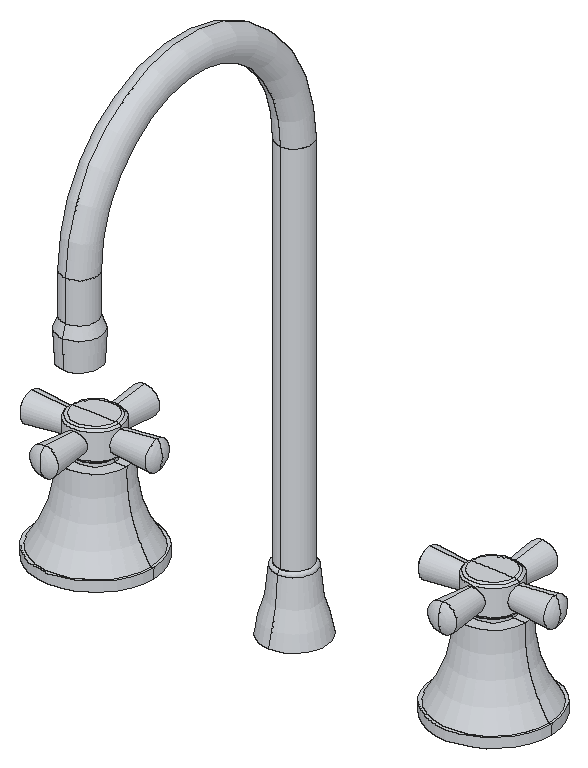
Revit family "01-0903-11  MEZCLADOR LAVAMANOS PLÁSTICO 8”-4” HELVETIA", category Plumbing Fixtures, host Face, Revit 2018
Family settings
  Host = Face
  Round Connector Dimension = Use Diameter
  Part Type = Normal
  OmniClass Number = 23.31.11.00
  Cut with Voids When Loaded = No
  Shared = No
  Room Calculation Point = No
Parameters (values of type "01-0903-11")
  Waste Water Outlet = ""
  Plastico - ABS Cromado = Plastico - ABS Cromado
  Link Ficha Tecnica = "http://infotecnica.gricol.com/FT_01090311.pdf"
  Waste Connection = 1 = 0  # no
  Vent Connection = 1 = 0  # no
  URL = "https://www.gricol.com/"
  Type Image = MEZCLADOR LAVAMANOS PLÁSTICO 8”-4” HELVETIA.jpg
  Product Name = "MEZCLADOR LAVAMANOS PLÁSTICO 8”-4” HELVETIA"  # constant formula
  Model = "01-0903-11"  # constant formula
  Manufacturer = "Gricol"  # constant formula
  HW Connection = 1 = 1  # yes
  Eje - (roscas) = 203.20 mm
  Description = "Bimando"  # constant formula
  Default Elevation = 0.00 mm
  Date Modified = ""
  Date Created = "05/28/2020"  # constant formula
  Copyright = "All rights reserved © Gricol - 2020."  # constant formula
  CW Connection = 1 = 1  # yes
  Assembly Code = ""
  Ancho manija = 70.00 mm
  Alto - aireador = 185.00 mm
  Alto = 304.00 mm
Reference planes
  plane 1 "Center (Front/Back)": y = -13.681
  plane 2: z = 0
  plane 3 "Center (Left/Right)": x = 0
  plane 4: z = 109.404
  plane 5: z = 304
  plane 6: z = 185
  plane 7: z = 23.955
  plane 8: x = -101.6
  plane 9: x = 101.6
  plane 10: x = 136.6
  plane 11: x = 66.6
  plane 12: y = -150.681
Forms (mm)
  Extrusion 1, solid
    sketch origin (2.5, 0, 0) x (1, 0, 0) y (0, 1, 0)
      loop
        circle (101.6, -13.681) r 6.35
      loop
        circle (-101.6, -13.681) r 6.35
    from 0 to -5
Dimensions and locks
  plane 5 to plane 7 = 280.045 mm
  plane 8 to plane 9 = 203.20 mm
  plane 7 to plane 6 = 161.045 mm
  "Ancho manija": plane 10 to plane 11
  "Eje - (roscas)": plane 9 to plane 8
  plane 11 to plane 10 = 70.00 mm
  plane 12 to plane 1 "Center (Front/Back)" = 137.00 mm
  "Alto - aireador": plane 6 to level
  "Alto": plane 5 to level
  aligned and locked: plane 2 to host face
  aligned and locked: level to host face
Automatic sketch dimensions
  host sketch curve to host sketch curve = 402.379 mm
  host sketch curve to host sketch curve = 252.553 mm
  plane 1 "Center (Front/Back)" to Extrusion 1 sketch curve = 0.00 mm  (x2)
  plane 8 to Extrusion 1 sketch curve = 2.50 mm
  plane 9 to Extrusion 1 sketch curve = 2.50 mm
  radius of Extrusion 1 sketch curve = 6.35 mm  (x2)
Nested families
  nested 1: "MEZCLADOR LAVAMANOS PLÁSTICO 8”-4” HELVETIA" at (0, -13.681, 0), type "MEZCLADOR LAVAMANOS PLÁSTICO 8”-4” HELVETIA"
Connectors
  piping at (104.1, -13.681, -5), diameter 12.7
    settings: on Extrusion 1, index 1, connector inside diameter 24", connector length 0.00 mm, flow factor 0, pipe flow 0 GPM, pressure drop 0.00 psi, fitting loss kfactor 0, connector angle 0.00°, fixture units 0, engagement length 0.00 mm, angle of deflection 0.00°, flow configuration 0, flow direction 0, fitting loss method 0, system type 20, joint type 0, gender type 0, connector reference index -1, connector utility 0, adjustable connector no, is connector primary yes, connector description ""
  piping at (-99.1, -13.681, -5), diameter 12.7
    settings: on Extrusion 1, index 2, connector inside diameter 24", connector length 0.00 mm, flow factor 0, pipe flow 0 GPM, pressure drop 0.00 psi, fitting loss kfactor 0, connector angle 0.00°, fixture units 0, engagement length 0.00 mm, angle of deflection 0.00°, flow configuration 0, flow direction 0, fitting loss method 0, system type 19, joint type 0, gender type 0, connector reference index -1, connector utility 0, adjustable connector no, is connector primary no, connector description ""
Definition of nested family "MEZCLADOR LAVAMANOS PLÁSTICO 8”-4” HELVETIA"
  Parameters (values of type "MEZCLADOR LAVAMANOS PLÁSTICO 8”-4” HELVETIA")
    Plastico - ABS Cromado = none
  Reference planes
    plane 1 "Center (Front/Back)": y = 0
    plane 2: z = 0
    plane 3 "Center (Left/Right)": x = 0
    plane 4 "Manija 1": x = 101.6
    plane 5: z = -50
    plane 6 "Manija 2": x = -101.6
    plane 7: x = -136.6
    plane 8: x = -66.6
    plane 9 "Eje aireador": y = -137
    plane 10: z = 65
    plane 11: x = 131.6
    plane 12: x = 71.083
    plane 13: x = 89.643
    plane 14: x = 29.126
    plane 15: x = -71.6
    plane 16: x = -132.117
    plane 17: z = 185.2
    plane 18: z = 304
  Forms (mm)
    Revolve 1, solid, material <- "Plastico - ABS Cromado"
      sketch origin (0, 0, -33.946) x (0, 1, 0) y (0, 0, 1)
        loop
          line (0, 67.06) -> (-8.649, 67.06)
          arc (-8.649, 67.06) -> (-9.796, 66.544) -> (-10.169, 65.343) r 1.531
          spline (-10.169, 65.343) -> (-10.297, 61.104) -> (-10.624, 57.323) -> (-11.11, 53.952) -> (-11.716, 50.941) -> (-12.4, 48.241) -> (-13.124, 45.804) -> (-13.848, 43.581) -> (-14.531, 41.522) -> (-15.133, 39.579) -> (-15.614, 37.703) -> (-15.935, 35.845) -> (-16.055, 33.955)
          line (-16.055, 33.955) -> (0, 33.955) -> (0, 67.06)
        axis (0, 67.06) -> (0, 33.955)
      angle from 0 to 360
    Revolve 2, solid, material <- "Plastico - ABS Cromado"
      sketch origin (41.957, 0, -23.889) x (1, 0, 0) y (0, 0, 1)
        loop
          line (69.561, 70.154) -> (69.561, 72.654) -> (59.643, 72.654) -> (59.643, 23.889) -> (89.643, 23.889) -> (89.643, 28.889) -> (88.192, 28.889)
          arc (88.192, 28.889) -> (78.527, 48.467) -> (76.007, 70.154) r 63.98
          line (76.007, 70.154) -> (69.561, 70.154)
        axis (59.643, 23.889) -> (59.643, 72.654)
      angle from 0 to 360
    Revolve 3, solid, material <- "Plastico - ABS Cromado"
      sketch origin (0.151, 0, -11.873) x (1, 0, 0) y (0, 0, 1)
        loop
          arc (90.275, 76.873) -> (89.57, 76.733) -> (88.972, 76.333) r 1.842
          line (88.972, 76.333) -> (87.932, 75.292) -> (87.932, 62.219) -> (88.972, 61.178)
          arc (88.972, 61.178) -> (89.57, 60.779) -> (90.275, 60.639) r 1.842
          line (90.275, 60.639) -> (101.156, 60.639) -> (101.156, 76.873) -> (90.275, 76.873)
        axis (101.156, 60.639) -> (101.156, 76.873)
      angle from 0 to 360
    Revolve 4, solid, material <- "Plastico - ABS Cromado"
      sketch origin (1.15, 0, -12.2) x (1, 0, 0) y (0, 0, 1)
        loop
          line (132.143, 76.469) -> (111.507, 74.663) -> (111.507, 69.083) -> (134.751, 69.083)
          arc (134.751, 69.083) -> (134.144, 73.022) -> (132.143, 76.469) r 10.741
        axis (111.507, 69.083) -> (134.751, 69.083)
      angle from 0 to 360
    Revolve 5, solid, material <- "Plastico - ABS Cromado"
      sketch origin (101.307, -100.157, -12.2) x (0, 1, 0) y (0, 0, 1)
        loop
          line (132.143, 76.469) -> (111.507, 74.663) -> (111.507, 69.083) -> (134.751, 69.083)
          arc (134.751, 69.083) -> (134.144, 73.022) -> (132.143, 76.469) r 10.741
        axis (111.507, 69.083) -> (134.751, 69.083)
      angle from 0 to 360
    Revolve 6, solid, material <- "Plastico - ABS Cromado"
      sketch origin (201.464, 0, -12.2) x (-1, 0, 0) y (0, 0, 1)
        loop
          line (132.143, 76.469) -> (111.507, 74.663) -> (111.507, 69.083) -> (134.751, 69.083)
          arc (134.751, 69.083) -> (134.144, 73.022) -> (132.143, 76.469) r 10.741
        axis (111.507, 69.083) -> (134.751, 69.083)
      angle from 0 to 360
    Revolve 7, solid, material <- "Plastico - ABS Cromado"
      sketch origin (101.307, 100.157, -12.2) x (0, -1, 0) y (0, 0, 1)
        loop
          line (132.143, 76.469) -> (111.507, 74.663) -> (111.507, 69.083) -> (134.751, 69.083)
          arc (134.751, 69.083) -> (134.144, 73.022) -> (132.143, 76.469) r 10.741
        axis (111.507, 69.083) -> (134.751, 69.083)
      angle from 0 to 360
    Revolve 8, solid, material <- "Plastico - ABS Cromado", not visible
      sketch origin (-41.806, 0, 0.766) x (1, 0, 0) y (0, 0, 1)
        loop
          arc (90.275, 76.873) -> (89.57, 76.733) -> (88.972, 76.333) r 1.842
          line (88.972, 76.333) -> (87.932, 75.292) -> (87.932, 62.219) -> (88.972, 61.178)
          arc (88.972, 61.178) -> (89.57, 60.779) -> (90.275, 60.639) r 1.842
          line (90.275, 60.639) -> (101.156, 60.639) -> (101.156, 76.873) -> (90.275, 76.873)
        axis (101.156, 60.639) -> (101.156, 76.873)
      angle from 0 to 360
    Revolve 9, solid, material <- "Plastico - ABS Cromado", not visible
      sketch origin (-40.807, 0, 0.439) x (1, 0, 0) y (0, 0, 1)
        loop
          line (132.143, 76.469) -> (111.507, 74.663) -> (111.507, 69.083) -> (134.751, 69.083)
          arc (134.751, 69.083) -> (134.144, 73.022) -> (132.143, 76.469) r 10.741
        axis (111.507, 69.083) -> (134.751, 69.083)
      angle from 0 to 360
    Revolve 10, solid, material <- "Plastico - ABS Cromado", not visible
      sketch origin (59.35, -100.157, 0.439) x (0, 1, 0) y (0, 0, 1)
        loop
          line (132.143, 76.469) -> (111.507, 74.663) -> (111.507, 69.083) -> (134.751, 69.083)
          arc (134.751, 69.083) -> (134.144, 73.022) -> (132.143, 76.469) r 10.741
        axis (111.507, 69.083) -> (134.751, 69.083)
      angle from 0 to 360
    Revolve 11, solid, material <- "Plastico - ABS Cromado", not visible
      sketch origin (159.508, 0, 0.439) x (-1, 0, 0) y (0, 0, 1)
        loop
          line (132.143, 76.469) -> (111.507, 74.663) -> (111.507, 69.083) -> (134.751, 69.083)
          arc (134.751, 69.083) -> (134.144, 73.022) -> (132.143, 76.469) r 10.741
        axis (111.507, 69.083) -> (134.751, 69.083)
      angle from 0 to 360
    Revolve 12, solid, material <- "Plastico - ABS Cromado", not visible
      sketch origin (59.35, 100.157, 0.439) x (0, -1, 0) y (0, 0, 1)
        loop
          line (132.143, 76.469) -> (111.507, 74.663) -> (111.507, 69.083) -> (134.751, 69.083)
          arc (134.751, 69.083) -> (134.144, 73.022) -> (132.143, 76.469) r 10.741
        axis (111.507, 69.083) -> (134.751, 69.083)
      angle from 0 to 360
    Revolve 13, solid, material <- "Plastico - ABS Cromado", not visible
      sketch origin (0, 0, -11.25) x (1, 0, 0) y (0, 0, 1)
        loop
          line (69.561, 70.154) -> (69.561, 72.654) -> (59.643, 72.654) -> (59.643, 23.889) -> (89.643, 23.889) -> (89.643, 28.889) -> (88.192, 28.889)
          arc (88.192, 28.889) -> (78.527, 48.467) -> (76.007, 70.154) r 63.98
          line (76.007, 70.154) -> (69.561, 70.154)
        axis (59.643, 23.889) -> (59.643, 72.654)
      angle from 0 to 360
    Revolve 14, solid, material <- "Plastico - ABS Cromado"
      sketch origin (-161.243, 0, -23.889) x (1, 0, 0) y (0, 0, 1)
        loop
          line (69.561, 70.154) -> (69.561, 72.654) -> (59.643, 72.654) -> (59.643, 23.889) -> (89.643, 23.889) -> (89.643, 28.889) -> (88.192, 28.889)
          arc (88.192, 28.889) -> (78.527, 48.467) -> (76.007, 70.154) r 63.98
          line (76.007, 70.154) -> (69.561, 70.154)
        axis (59.643, 23.889) -> (59.643, 72.654)
      angle from 0 to 360
    Revolve 15, solid, material <- "Plastico - ABS Cromado"
      sketch origin (-203.049, 0, -11.873) x (1, 0, 0) y (0, 0, 1)
        loop
          arc (90.275, 76.873) -> (89.57, 76.733) -> (88.972, 76.333) r 1.842
          line (88.972, 76.333) -> (87.932, 75.292) -> (87.932, 62.219) -> (88.972, 61.178)
          arc (88.972, 61.178) -> (89.57, 60.779) -> (90.275, 60.639) r 1.842
          line (90.275, 60.639) -> (101.156, 60.639) -> (101.156, 76.873) -> (90.275, 76.873)
        axis (101.156, 60.639) -> (101.156, 76.873)
      angle from 0 to 360
    Revolve 16, solid, material <- "Plastico - ABS Cromado"
      sketch origin (-202.05, 0, -12.2) x (1, 0, 0) y (0, 0, 1)
        loop
          line (132.143, 76.469) -> (111.507, 74.663) -> (111.507, 69.083) -> (134.751, 69.083)
          arc (134.751, 69.083) -> (134.144, 73.022) -> (132.143, 76.469) r 10.741
        axis (111.507, 69.083) -> (134.751, 69.083)
      angle from 0 to 360
    Revolve 17, solid, material <- "Plastico - ABS Cromado"
      sketch origin (-101.893, -100.157, -12.2) x (0, 1, 0) y (0, 0, 1)
        loop
          line (132.143, 76.469) -> (111.507, 74.663) -> (111.507, 69.083) -> (134.751, 69.083)
          arc (134.751, 69.083) -> (134.144, 73.022) -> (132.143, 76.469) r 10.741
        axis (111.507, 69.083) -> (134.751, 69.083)
      angle from 0 to 360
    Revolve 18, solid, material <- "Plastico - ABS Cromado"
      sketch origin (-1.736, 0, -12.2) x (-1, 0, 0) y (0, 0, 1)
        loop
          line (132.143, 76.469) -> (111.507, 74.663) -> (111.507, 69.083) -> (134.751, 69.083)
          arc (134.751, 69.083) -> (134.144, 73.022) -> (132.143, 76.469) r 10.741
        axis (111.507, 69.083) -> (134.751, 69.083)
      angle from 0 to 360
    Revolve 19, solid, material <- "Plastico - ABS Cromado"
      sketch origin (-101.893, 100.157, -12.2) x (0, -1, 0) y (0, 0, 1)
        loop
          line (132.143, 76.469) -> (111.507, 74.663) -> (111.507, 69.083) -> (134.751, 69.083)
          arc (134.751, 69.083) -> (134.144, 73.022) -> (132.143, 76.469) r 10.741
        axis (111.507, 69.083) -> (134.751, 69.083)
      angle from 0 to 360
    Sweep 20, solid, material <- "Plastico - ABS Cromado"
      path origin (0, 0, -23.946) x (0, -1, 0) y (0, 0, -1)
        loop
          line (-0.096, -57.104) -> (-0.096, -250.231)
          arc (-0.096, -250.231) -> (68.452, -318.779) -> (137, -250.231) r 68.548
          line (137, -250.231) -> (137, -229.592)
      profile origin (0, 0.096, 129.721) x (0, -1, 0) y (1, 0, 0)
        loop
          circle (0, 0) r 8.488
    Revolve 21, solid, material <- "Plastico - ABS Cromado"
      sketch origin (0, 0.859, -49.102) x (0, -1, 0) y (0, 0, -1)
        loop
          line (129.164, -254.748) -> (137.752, -254.748) -> (137.752, -241.939) -> (129.11, -241.531) -> (129.462, -234.066) -> (127.671, -234.066) -> (126.974, -248.83) -> (129.164, -254.748)
        axis (137.752, -234.066) -> (137.752, -254.748)
      angle from 0 to 360
  Cuts and joins
    joined: Revolve 3, Revolve 4, Revolve 5, Revolve 6, Revolve 7
  Dimensions and locks
    plane 4 "Manija 1" to plane 6 "Manija 2" = 203.20 mm
    equal spacing: plane 4 "Manija 1", plane 3 "Center (Left/Right)", plane 6 "Manija 2"
    locked: plane 8 to plane 7 at 70
    plane 9 "Eje aireador" to plane 1 "Center (Front/Back)" = 137.00 mm
    plane 10 to level = 65.00 mm
    plane 11 to Revolve 2 sketch curve = 30.00 mm
    plane 13 to Revolve 13 sketch curve = 30.00 mm
    plane 15 to Revolve 14 sketch curve = 30.00 mm
    plane 17 to level = 185.20 mm
    level to plane 18 = 304.00 mm
    aligned and locked: plane 2 to level
  Automatic sketch dimensions
    Revolve 1 sketch curve to plane 1 "Center (Front/Back)" = 0.00 mm  (x2)
    Revolve 1 sketch curve to Revolve 1 sketch curve = 1.52 mm
    Revolve 1 sketch curve to Revolve 1 sketch curve = 0.186 mm
    Revolve 1 sketch curve to plane 5 = 0.413 mm
    Revolve 1 sketch curve to Revolve 1 sketch curve = 7.859 mm
    Sweep 20 sketch curve to profile plane = 0.00 mm  (x2)
    plane 9 "Eje aireador" to Revolve 21 sketch curve = 10.885 mm
    plane 9 "Eje aireador" to Revolve 21 sketch curve = 10.189 mm
    Revolve 21 sketch curve to Revolve 21 sketch curve = 1.44 mm
    Revolve 21 sketch curve to Revolve 21 sketch curve = 2.189 mm
    Revolve 21 sketch curve to Revolve 21 sketch curve = 1.792 mm
    plane 9 "Eje aireador" to Revolve 21 sketch curve = 0.107 mm  (x2)
    Revolve 21 sketch curve to Revolve 21 sketch curve = 7.299 mm
    Revolve 21 sketch curve to Revolve 21 sketch curve = 5.918 mm
    Revolve 21 sketch curve to Revolve 21 sketch curve = 2.352 mm
    Revolve 21 sketch curve to Revolve 21 sketch curve = 10.045 mm
    plane 1 "Center (Front/Back)" to Revolve 1 sketch curve = 8.649 mm
    plane 1 "Center (Front/Back)" to Revolve 1 sketch curve = 16.055 mm
    Sweep 20 sketch curve to plane 9 "Eje aireador" = 0.00 mm
    plane 1 "Center (Front/Back)" to Sweep 20 sketch curve = 68.452 mm
    level to Revolve 1 sketch curve = 0.009 mm
    Revolve 1 sketch curve to Revolve 1 sketch curve = 23.529 mm
    level to Sweep 20 sketch curve = 33.158 mm
    Sweep 20 sketch curve to Sweep 20 sketch curve = 20.639 mm
    Revolve 21 sketch curve to Revolve 21 sketch curve = 0.408 mm
    Sweep 20 sketch curve to Sweep 20 sketch curve = 193.127 mm
    level to Revolve 21 sketch curve = 205.646 mm
    Revolve 2 sketch curve to Revolve 2 sketch curve = 0.00 mm
    Revolve 2 sketch curve to Revolve 2 sketch curve = 9.917 mm
    Revolve 2 sketch curve to Revolve 2 sketch curve = 30.00 mm
    Revolve 2 sketch curve to Revolve 2 sketch curve = 5.00 mm
    Revolve 2 sketch curve to Revolve 2 sketch curve = 37.696 mm
    Revolve 2 sketch curve to Revolve 2 sketch curve = 41.265 mm
    Revolve 2 sketch curve to Revolve 2 sketch curve = 2.50 mm
    Revolve 2 sketch curve to Revolve 2 sketch curve = 6.447 mm
    Revolve 2 sketch curve to Revolve 2 sketch curve = 1.451 mm
    Revolve 2 sketch curve to Revolve 2 sketch curve = 12.50 mm  (x2)
    Revolve 13 sketch curve to Revolve 13 sketch curve = 0.00 mm
    Revolve 13 sketch curve to Revolve 13 sketch curve = 9.917 mm
    Revolve 13 sketch curve to Revolve 13 sketch curve = 30.00 mm
    Revolve 13 sketch curve to Revolve 13 sketch curve = 5.00 mm
    Revolve 13 sketch curve to Revolve 13 sketch curve = 37.696 mm
    Revolve 13 sketch curve to Revolve 13 sketch curve = 41.265 mm
    Revolve 13 sketch curve to Revolve 13 sketch curve = 2.50 mm
    Revolve 13 sketch curve to Revolve 13 sketch curve = 6.447 mm
    Revolve 13 sketch curve to Revolve 13 sketch curve = 1.451 mm
    Revolve 13 sketch curve to Revolve 13 sketch curve = 12.50 mm  (x2)
    Revolve 14 sketch curve to Revolve 14 sketch curve = 0.00 mm
    Revolve 14 sketch curve to Revolve 14 sketch curve = 9.917 mm
    Revolve 14 sketch curve to Revolve 14 sketch curve = 30.00 mm
    Revolve 14 sketch curve to Revolve 14 sketch curve = 5.00 mm
    Revolve 14 sketch curve to Revolve 14 sketch curve = 37.696 mm
    Revolve 14 sketch curve to Revolve 14 sketch curve = 41.265 mm
    Revolve 14 sketch curve to Revolve 14 sketch curve = 2.50 mm
    Revolve 14 sketch curve to Revolve 14 sketch curve = 6.447 mm
    Revolve 14 sketch curve to Revolve 14 sketch curve = 1.451 mm
    Revolve 14 sketch curve to Revolve 14 sketch curve = 12.50 mm  (x2)
    radius of Sweep 20 sketch curve = 8.488 mm
